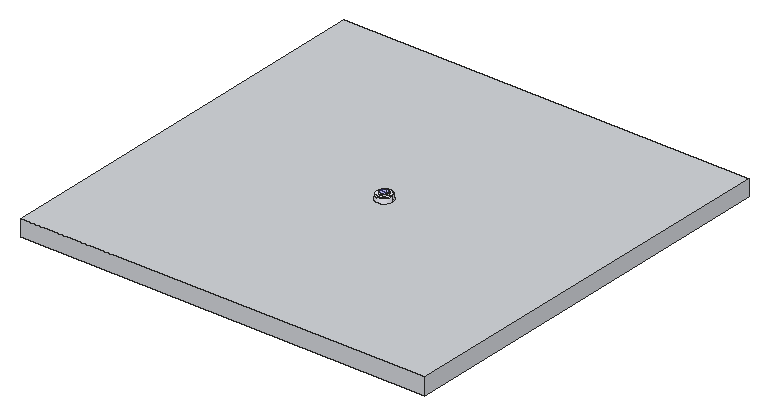
Revit family "BEG-92305", category Dispositifs d'éclairage, Revit 2015
Parameters
  Detection zone [instance] = yes
  Area zone [instance] = height position < 301 cm  # yes
  URL = "http://www.luxomat.com/en-92305"
  Type of output = "Reed Relais"
  Ambiant temperature = "-25°C to +50°C"
  Ref = "92305"
  Relay = "0"
  height position [instance] = 250 cm
  direct Range [instance] = height position * 2.4  # 600 cm
  transversal Range [instance] = height position * 4  # 1000 cm
  Modèle = "PD2/M/2C-11-48V/RR/SM"
  Installation type = "Ceiling"
  Brand = "LUXOMAT"
  Image du type = 92550.jpg
  IP = "20"
  Mounting height max = Installation height max  # 300 cm
  Installation height max = 300 cm
  Fabricant = "B.E.G"
  Label [instance] = yes
  Default Elevation = 0 cm
  Consumption = "1,28W"
  Commentaires du type = "Occupancy detector PD2/M/2C-11-48V/RR/SM"
  Code d'assemblage = "D5010200"
  Class = "2"
  Switching power LED = "0"
  Switching power Cos ɸ =1 = "0"
  Switching power Cos ɸ =0,5 = "0"
  Power voltage = "11-48V AC/DC"
  seated activity [instance] = height position * 1.6  # 400 cm
Reference planes (cm)
  plane 1 "Centre (avant/arrière)": y = 0
  plane 2: z = 0
  plane 3 "Centre (gauche/droite)": x = 0
Forms (cm)
  Extrusion 1, solid
    sketch origin (0, 0, 0) x (1, 0, 0) y (0, 1, 0)
      loop
        line (-121.92, 121.92) -> (-121.92, -121.92) -> (121.92, -121.92) -> (121.92, 121.92) -> (-121.92, 121.92)
    from 0 to -10
Dimensions and locks (cm)
  aligned and locked: plane 2 to Extrusion 1
  aligned and locked: level to Extrusion 1
  aligned and locked: nested 2 to plane 2
Nested families (cm)
  nested 1: "Famille1" at (0, -72.6659, 0) x (-1, 0, 0) z (0, 0, 1), reference <- "Ref", modele <- "Modèle", visible <- "Label", type "Famille1"
    with reference "92305", modele "PD2/M/2C-11-48V/RR/SM"
  nested 2: "M8" at (0, 0, 0), type "Standard"
  nested 3: "zone G" at (0, 0, 0) x (-1, 0, 0) z (0, 0, 1), visible <- "Detection zone", activité assise <- "seated activity", biais <- "transversal Range", frontal <- "direct Range", Zone assise <- "Area zone", type "zone G"
    with position 2 240 cm, position 1 400 cm, frontal 600 cm, biais 1000 cm, activité assise 400 cm, Zone assise yes
  nested 4: "Plafond 360° 2D" at (0, 0, 0), type "Plafond 360° 2D"
Connectors (cm)
  electrical at (0, 0, 0)
    settings: on nested 2, index 1, voltage 48 V, apparent load 0 VA, apparent load phase1 0 VA, apparent load phase2 0 VA, apparent load phase3 0 VA, power factor 1, load classification "Eclairage", number of poles 1, system type 31, power factor state 1, is connector primary yes, connector utility no, sub classification motor no, connector description ""
Definition of nested family "M8"
  Reference planes (cm)
    plane 1 "Centre (avant/arrière)": y = 0
    plane 2: z = 0
    plane 3 "Centre (gauche/droite)": x = 0
    plane 4: y = 0
  Forms (cm)
    Revolve 1, solid
      sketch origin (0, 0, 0) x (-1, 0, 0) y (0, 0, 1)
        loop
          line (0, 0) -> (0, 3.6) -> (-2.45, 3.6) -> (-2.6598, 3.35) -> (-2.6598, 3.1) -> (-4.3661, 2.8) -> (-4.69, 2.4) -> (-4.9, 0) -> (0, 0)
        axis (0, 0) -> (0, 3.6)
      angle from 0 to 360
    Revolve 2, solid
      sketch origin (0, 0, 0) x (-1, 0, 0) y (0, 0, 1)
        loop
          line (0, 3.6) -> (0, 5)
          arc (0, 5) -> (-1.3892, 4.6244) -> (-2.4, 3.6) r 2.7571
          line (-2.4, 3.6) -> (0, 3.6)
        axis (0, 3.6) -> (0, 5)
      angle from 0 to 360
  Lines and regions (cm)
    reference lines
      curve 1: line (0, 0, 0) -> (0, 0, 5)
      curve 2: line (2.45, 0, 3.6) -> (0, 0, 3.6)
      curve 3: line (2.6598, 0, 3.35) -> (2.45, 0, 3.6)
      curve 4: line (2.6598, 0, 3.35) -> (2.6598, 0, 3.1)
      curve 5: line (4.3661, 0, 2.8) -> (2.6598, 0, 3.1)
      curve 6: line (4.69, 0, 2.4) -> (4.3661, 0, 2.8)
      curve 7: line (4.9, 0, 0) -> (4.69, 0, 2.4)
      curve 8: line (0, 0, 0) -> (4.9, 0, 0)
      curve 9: line (0, 0, 5) -> (0, 0, 3.6)
      curve 10: arc (0, 0, 5) -> (1.3892, 0, 4.6244) -> (2.4, 0, 3.6) r 2.7571
      curve 11: line (0, 0, 3.6) -> (2.4, 0, 3.6)
      curve 12: line (0, 0, 0) -> (0, 0, 5)
  Dimensions and locks (cm)
    aligned and locked: level to plane 2
    aligned and locked: Revolve 1 sketch curve to curve 1  (x2)
    aligned and locked: Revolve 1 sketch curve to curve 2
    aligned and locked: Revolve 1 sketch curve to curve 3
    aligned and locked: Revolve 1 sketch curve to curve 4
    aligned and locked: Revolve 1 sketch curve to curve 5
    aligned and locked: Revolve 1 sketch curve to curve 6
    aligned and locked: Revolve 1 sketch curve to curve 7
    aligned and locked: Revolve 1 sketch curve to curve 8
    aligned and locked: Revolve 2 sketch curve to curve 9
    aligned and locked: Revolve 2 sketch curve to curve 10
    aligned and locked: Revolve 2 sketch curve to curve 11
    aligned and locked: Revolve 2 sketch curve to curve 12
Definition of nested family "Famille1"
  Parameters (values of type "Famille1")
    reference [instance] = ""
    modele [instance] = ""
  Reference planes (cm)
    plane 1: y = 0
    plane 2: x = 0
  Text (cm)
    label "reference\n\nmodele" at (0.0074, 0.0451, 0), shows "reference", "modele"
Definition of nested family "zone G"
  Parameters (values of type "zone G")
    position 2 [instance] = (frontal / 2) * 0.8  # 240 cm
    position 1 [instance] = (biais / 2) * 0.8  # 400 cm
    frontal [instance] = 600 cm
    biais [instance] = 1000 cm
    activité assise [instance] = 400 cm
    Zone assise [instance] = yes
  Reference planes (cm)
    plane 1 "Centre (avant/arrière)": y = 0
    plane 2: z = 0
    plane 3 "Centre (gauche/droite)": x = 0
    plane 4: x = -400
    plane 5: y = -240
  Lines and regions (cm)
    detail lines, in view "Niveau de réf.", visible <- "Zone assise"
      curve 1: circle (0, 0, 0) r 200 normal (0, 0, 1)
      curve 4: spline (-105.2767, 3.2118, 0) -> (-104.9106, 3.0586, 0) -> (-103.8375, 2.9158, 0) -> (-102.1303, 2.7932, 0) -> (-99.9055, 2.6991, 0) -> (-97.3146, 2.6399, 0) -> (-94.5343, 2.6198, 0) -> (-91.7539, 2.6399, 0) -> (-89.163, 2.6991, 0) -> (-86.9382, 2.7932, 0) -> (-85.231, 2.9158, 0) -> (-84.1579, 3.0586, 0) -> (-83.7918, 3.2118, 0) -> (-84.1579, 3.365, 0) -> (-85.231, 3.5078, 0) -> (-86.9382, 3.6305, 0) -> (-89.163, 3.7245, 0) -> (-91.7539, 3.7837, 0) -> (-94.5343, 3.8039, 0) -> (-97.3146, 3.7837, 0) -> (-99.9055, 3.7245, 0) -> (-102.1303, 3.6305, 0) -> (-103.8375, 3.5078, 0) -> (-104.9106, 3.365, 0) -> (-105.2767, 3.2118, 0)
      curve 5: line (-105.2767, 3.2118, 0) -> (-103.7271, 3.5181, 0)
      curve 6: arc (-102.6495, -16.5888, 0) -> (-107.2915, -17.186, 0) -> (-111.6311, -18.9388, 0) r 18.3388
      curve 7: arc (-111.6311, -18.9388, 0) -> (-111.6982, -19.0046, 0) -> (-111.7229, -19.0953, 0) r 0.1799
      curve 8: arc (-102.4571, -17.1805, 0) -> (-106.7473, -17.5804, 0) -> (-110.8538, -18.8852, 0) r 20.1051
      curve 9: arc (-110.8538, -18.8852, 0) -> (-111.0396, -18.979, 0) -> (-111.2122, -19.0953, 0) r 1.6679
      curve 10: circle (-111.4676, -19.8292, 0) r 0.5096 normal (0, 0, 1)
      curve 11: arc (-110.898, -19.8292, 0) -> (-111.4676, -19.2597, 0) -> (-112.0372, -19.8292, 0) r 0.5696
      curve 12: arc (-110.838, -19.8292, 0) -> (-111.4676, -19.1997, 0) -> (-112.0972, -19.8292, 0) r 0.6296
      curve 13: arc (-86.4191, -16.5888, 0) -> (-81.7771, -17.186, 0) -> (-77.4374, -18.9388, 0) r 18.3388
      curve 14: arc (-77.4374, -18.9388, 0) -> (-77.3704, -19.0046, 0) -> (-77.3456, -19.0953, 0) r 0.1799
      curve 15: arc (-86.6114, -17.1805, 0) -> (-82.3212, -17.5804, 0) -> (-78.2147, -18.8852, 0) r 20.1051
      curve 16: arc (-78.2147, -18.8852, 0) -> (-78.0289, -18.979, 0) -> (-77.8563, -19.0953, 0) r 1.6679
      curve 17: circle (-77.6009, -19.8292, 0) r 0.5096 normal (0, 0, 1)
      curve 18: arc (-77.0314, -19.8292, 0) -> (-77.6009, -19.2597, 0) -> (-78.1705, -19.8292, 0) r 0.5696
      curve 19: arc (-76.9714, -19.8292, 0) -> (-77.6009, -19.1997, 0) -> (-78.2305, -19.8292, 0) r 0.6296
      curve 20: arc (-95.2593, -16.5888, 0) -> (-98.9871, -17.441, 0) -> (-102.5056, -18.9388, 0) r 21.5424
      curve 21: arc (-102.5056, -18.9388, 0) -> (-102.5726, -19.0046, 0) -> (-102.5974, -19.0953, 0) r 0.1799
      curve 22: arc (-95.2593, -17.1805, 0) -> (-98.5536, -17.8061, 0) -> (-101.7283, -18.8852, 0) r 23.9713
      curve 23: arc (-101.7283, -18.8852, 0) -> (-101.911, -18.9772, 0) -> (-102.081, -19.0909, 0) r 1.6679
      curve 24: arc (-95.0229, -17.1805, 0) -> (-98.2689, -17.8294, 0) -> (-101.4063, -18.8852, 0) r 26.0219
      curve 25: arc (-101.4063, -18.8852, 0) -> (-101.592, -18.979, 0) -> (-101.7647, -19.0953, 0) r 1.6679
      curve 26: circle (-102.181, -19.8292, 0) r 0.5096 normal (0, 0, 1)
      curve 27: arc (-101.6114, -19.8292, 0) -> (-102.181, -19.2597, 0) -> (-102.7506, -19.8292, 0) r 0.5696
      curve 28: arc (-101.5514, -19.8292, 0) -> (-102.181, -19.1997, 0) -> (-102.8106, -19.8292, 0) r 0.6296
      curve 29: arc (-93.8092, -16.5888, 0) -> (-90.0814, -17.441, 0) -> (-86.5629, -18.9388, 0) r 21.5424
      curve 30: arc (-86.5629, -18.9388, 0) -> (-86.4959, -19.0046, 0) -> (-86.4711, -19.0953, 0) r 0.1799
      curve 31: arc (-93.8092, -17.1805, 0) -> (-90.5149, -17.8061, 0) -> (-87.3402, -18.8852, 0) r 23.9713
      curve 32: arc (-87.3402, -18.8852, 0) -> (-87.1544, -18.979, 0) -> (-86.9818, -19.0953, 0) r 1.6679
      curve 33: arc (-94.0457, -17.1805, 0) -> (-90.7996, -17.8294, 0) -> (-87.6622, -18.8852, 0) r 26.0219
      curve 34: arc (-87.6622, -18.8852, 0) -> (-87.4765, -18.979, 0) -> (-87.3039, -19.0953, 0) r 1.6679
      curve 35: circle (-86.8875, -19.8292, 0) r 0.5096 normal (0, 0, 1)
      curve 36: arc (-86.3179, -19.8292, 0) -> (-86.8875, -19.2597, 0) -> (-87.4571, -19.8292, 0) r 0.5696
      curve 37: arc (-86.2579, -19.8292, 0) -> (-86.8875, -19.1997, 0) -> (-87.5171, -19.8292, 0) r 0.6296
      curve 38: arc (-103.0079, 8.8705, 0) -> (-101.8776, 5.8173, 0) -> (-98.8653, 4.5819, 0) r 4.0512
      curve 39: arc (-83.7186, 4.2269, 0) -> (-82.9538, 3.7817, 0) -> (-82.7946, 2.9112, 0) r 1.0582
      curve 40: arc (-82.7946, 2.9112, 0) -> (-84.0889, -6.227, 0) -> (-84.0703, -15.4564, 0) r 64.7189
      curve 41: arc (-84.0703, -15.4564, 0) -> (-83.933, -16.0031, 0) -> (-83.4527, -16.2981, 0) r 0.7467
      curve 42: arc (-83.4527, -16.2981, 0) -> (-80.3714, -16.8717, 0) -> (-77.238, -16.9405, 0) r 19.3577
      curve 43: arc (-77.238, -16.9405, 0) -> (-77.6363, -16.4391, 0) -> (-78.2461, -16.244, 0) r 1.1013
      curve 44: arc (-78.2461, -16.244, 0) -> (-80.4274, -15.8096, 0) -> (-82.5587, -15.1742, 0) r 23.8747
      curve 45: arc (-82.5587, -15.1742, 0) -> (-81.6045, -6.5488, 0) -> (-80.848, 2.0961, 0) r 379.1961
      curve 46: arc (-80.848, 2.0961, 0) -> (-81.0708, 4.8418, 0) -> (-83.0581, 6.7494, 0) r 3.8846
      curve 47: arc (-83.0581, 6.7494, 0) -> (-89.2141, 8.8147, 0) -> (-95.6542, 9.6431, 0) r 33.2193
      curve 48: arc (-95.6542, 9.6431, 0) -> (-94.8516, 17.305, 0) -> (-94.8609, 25.0089, 0) r 72.9952
      curve 49: arc (-95.1116, 28.28, 0) -> (-95.2196, 29.2958, 0) -> (-95.3418, 30.31, 0) r 72.9952
      curve 50: arc (-98.1747, 30.0752, 0) -> (-100.3426, 29.2913, 0) -> (-99.4886, 27.1501, 0) r 1.6042
      curve 51: arc (-95.3418, 30.31, 0) -> (-98.7298, 32.2574, 0) -> (-102.1179, 30.31, 0) r 3.9209
      curve 52: arc (-68.8418, 20.3177, 0) -> (-68.8537, 20.2265, 0) -> (-68.9411, 20.2549, 0) r 0.0597
      curve 53: arc (-70.9776, 20.5408, 0) -> (-70.9496, 20.3832, 0) -> (-71.1082, 20.3621, 0) r 0.1108
      curve 54: spline (-98.8908, 41.6409, 0) -> (-97.9793, 41.5103, 0) -> (-97.1229, 41.0855, 0) -> (-96.38, 40.3954, 0) -> (-95.8012, 39.4871, 0) -> (-95.426, 38.4224, 0) -> (-95.2799, 37.274, 0) -> (-95.3728, 36.12, 0) -> (-95.6985, 35.0392, 0) -> (-96.2348, 34.1051, 0) -> (-96.945, 33.3815, 0) -> (-97.7809, 32.9176, 0) -> (-98.6854, 32.7451, 0) -> (-99.5969, 32.8757, 0) -> (-100.4532, 33.3005, 0) -> (-101.1961, 33.9906, 0) -> (-101.7749, 34.8989, 0) -> (-102.1502, 35.9636, 0) -> (-102.2963, 37.112, 0) -> (-102.2033, 38.266, 0) -> (-101.8776, 39.3468, 0) -> (-101.3414, 40.2809, 0) -> (-100.6311, 41.0045, 0) -> (-99.7953, 41.4684, 0) -> (-98.8908, 41.6409, 0)
      curve 55: line (-74.1608, -20.3388, 0) -> (-33.3759, -20.3388, 0)
      curve 56: line (-33.3759, -20.3388, 0) -> (-33.3759, 18.6681, 0)
      curve 57: line (-33.3759, 18.6681, 0) -> (-74.1608, 18.6681, 0)
      curve 58: line (-74.1608, 18.6681, 0) -> (-74.1608, -20.3388, 0)
      curve 59: line (-74.1608, -20.3388, 0) -> (-120.7181, -20.3388, 0)
      curve 60: line (-80.1025, 18.6681, 0) -> (-27.4342, 18.6681, 0)
      curve 61: line (-27.4342, 18.6681, 0) -> (-27.4342, 20.1345, 0)
      curve 62: line (-27.4342, 20.1345, 0) -> (-80.1025, 20.1345, 0)
      curve 63: line (-80.1025, 20.1345, 0) -> (-80.1025, 18.6681, 0)
      curve 64: line (-95.5223, 2.6198, 0) -> (-93.5462, 2.6198, 0)
      curve 65: line (-93.5462, 2.6198, 0) -> (-93.5462, -16.5888, 0)
      curve 66: line (-93.5462, -16.5888, 0) -> (-95.5223, -16.5888, 0)
      curve 67: line (-95.5223, -16.5888, 0) -> (-95.5223, 2.6198, 0)
      curve 68: line (-95.5223, -16.5888, 0) -> (-102.6495, -16.5888, 0)
      curve 69: line (-111.7229, -19.0953, 0) -> (-111.2122, -19.0953, 0)
      curve 70: line (-93.8092, -16.5888, 0) -> (-94.0457, -17.1805, 0)
      curve 71: line (-94.0457, -17.1805, 0) -> (-93.8092, -17.1805, 0)
      curve 72: line (-93.8092, -17.1805, 0) -> (-94.5343, -17.1805, 0)
      curve 73: line (-94.5343, -17.1805, 0) -> (-95.2593, -17.1805, 0)
      curve 74: line (-95.2593, -17.1805, 0) -> (-95.0229, -17.1805, 0)
      curve 75: line (-95.0229, -17.1805, 0) -> (-95.2593, -16.5888, 0)
      curve 76: line (-98.1226, -17.1805, 0) -> (-102.4571, -17.1805, 0)
      curve 77: line (-112.0372, -19.8292, 0) -> (-112.0972, -19.8292, 0)
      curve 78: line (-110.898, -19.8292, 0) -> (-110.838, -19.8292, 0)
      curve 79: line (-111.3676, -19.2076, 0) -> (-111.3676, -19.0953, 0)
      curve 80: line (-111.5676, -19.2076, 0) -> (-111.5676, -19.0953, 0)
      curve 81: line (-93.5462, -16.5888, 0) -> (-86.4191, -16.5888, 0)
      curve 82: line (-77.3456, -19.0953, 0) -> (-77.8563, -19.0953, 0)
      curve 83: line (-90.9459, -17.1805, 0) -> (-86.6114, -17.1805, 0)
      curve 84: line (-77.0314, -19.8292, 0) -> (-76.9714, -19.8292, 0)
      curve 85: line (-78.1705, -19.8292, 0) -> (-78.2305, -19.8292, 0)
      curve 86: line (-77.7009, -19.2076, 0) -> (-77.7009, -19.0953, 0)
      curve 87: line (-77.5009, -19.2076, 0) -> (-77.5009, -19.0953, 0)
      curve 88: line (-102.5974, -19.0953, 0) -> (-101.7647, -19.0953, 0)
      curve 89: line (-102.7506, -19.8292, 0) -> (-102.8106, -19.8292, 0)
      curve 90: line (-101.6114, -19.8292, 0) -> (-101.5514, -19.8292, 0)
      curve 91: line (-102.081, -19.2076, 0) -> (-102.081, -19.0909, 0)
      curve 92: line (-102.281, -19.2076, 0) -> (-102.281, -19.0953, 0)
      curve 93: line (-86.4711, -19.0953, 0) -> (-87.3039, -19.0953, 0)
      curve 94: line (-86.3179, -19.8292, 0) -> (-86.2579, -19.8292, 0)
      curve 95: line (-87.4571, -19.8292, 0) -> (-87.5171, -19.8292, 0)
      curve 96: line (-86.9875, -19.2076, 0) -> (-86.9875, -19.0953, 0)
      curve 97: line (-86.7875, -19.2076, 0) -> (-86.7875, -19.0953, 0)
      curve 98: line (-98.8653, 4.5819, 0) -> (-83.7186, 4.2269, 0)
      curve 99: line (-103.0079, 8.8705, 0) -> (-102.1179, 30.31, 0)
      curve 100: line (-98.1747, 30.0752, 0) -> (-85.3255, 22.5448, 0)
      curve 101: line (-85.3255, 22.5448, 0) -> (-74.2929, 21.667, 0)
      curve 102: line (-74.2929, 21.667, 0) -> (-71.6033, 21.7219, 0)
      curve 103: line (-71.6033, 21.7219, 0) -> (-69.7371, 21.2829, 0)
      curve 104: line (-69.7371, 21.2829, 0) -> (-68.8418, 20.3177, 0)
      curve 105: line (-68.9411, 20.2549, 0) -> (-69.7808, 21.0896, 0)
      curve 106: line (-69.7808, 21.0896, 0) -> (-71.6115, 21.2989, 0)
      curve 107: line (-71.6115, 21.2989, 0) -> (-72.0159, 21.0248, 0)
      curve 108: line (-72.0159, 21.0248, 0) -> (-70.9776, 20.5408, 0)
      curve 109: line (-71.1082, 20.3621, 0) -> (-72.6656, 20.8949, 0)
      curve 110: line (-72.6656, 20.8949, 0) -> (-74.496, 20.6558, 0)
      curve 111: line (-74.496, 20.6558, 0) -> (-86.0144, 20.9158, 0)
      curve 112: line (-86.0144, 20.9158, 0) -> (-99.4886, 27.1501, 0)
      curve 113: line (-99.8644, 32.9741, 0) -> (-99.9944, 32.0479, 0)
      curve 114: line (-97.5142, 33.0301, 0) -> (-97.3718, 32.0147, 0)
      curve 115: line (-33.3759, -20.3388, 0) -> (-21.8014, -20.3388, 0)
    detail lines, in view "Niveau de réf."
      curve 2: circle (0, 0, 0) r 300 normal (0, 0, 1)
      curve 3: circle (0, 0, 0) r 500 normal (0, 0, 1)
      curve 116: spline (2.3068, -267.7265, 0) -> (4.0856, -267.3949, 0) -> (5.7432, -266.4226, 0) -> (7.1667, -264.876, 0) -> (8.2589, -262.8603, 0) -> (8.9455, -260.5131, 0) -> (9.1797, -257.9942, 0) -> (8.9455, -255.4753, 0) -> (8.2589, -253.1281, 0) -> (7.1667, -251.1125, 0) -> (5.7432, -249.5658, 0) -> (4.0856, -248.5936, 0) -> (2.3068, -248.262, 0) -> (0.5279, -248.5936, 0) -> (-1.1297, -249.5658, 0) -> (-2.5531, -251.1125, 0) -> (-3.6453, -253.1281, 0) -> (-4.3319, -255.4753, 0) -> (-4.5661, -257.9942, 0) -> (-4.3319, -260.5131, 0) -> (-3.6453, -262.8603, 0) -> (-2.5531, -264.876, 0) -> (-1.1297, -266.4226, 0) -> (0.5279, -267.3949, 0) -> (2.3068, -267.7265, 0)
      curve 117: line (-4.7649, -255.0929, 0) -> (0.5136, -267.9212, 0)
      curve 118: line (3.5648, -268.0775, 0) -> (9.2455, -254.5266, 0)
      curve 119: line (-0.3759, -248.4588, 0) -> (-3.0011, -250.8806, 0)
      curve 120: line (3.5053, -268.5045, 0) -> (6.62, -268.3756, 0)
      curve 121: line (1.7304, -268.3525, 0) -> (3.5053, -268.5045, 0)
      curve 122: line (-4.7649, -255.0929, 0) -> (0.5136, -267.9212, 0)
      curve 123: line (-21.1936, -255.3894, 0) -> (-24.4202, -257.3623, 0)
      curve 124: line (-21.1936, -255.3894, 0) -> (-24.4202, -257.3623, 0)
      curve 125: line (-0.3759, -248.4588, 0) -> (-3.0011, -250.8806, 0)
      curve 126: line (1.7304, -268.3525, 0) -> (6.62, -268.3756, 0)
      curve 127: line (3.5648, -268.0775, 0) -> (9.2455, -254.5266, 0)
      curve 128: line (0, -240, 0) -> (0, -209.0788, 0)
      curve 129: line (0, -209.0788, 0) -> (0, -200.7814, 0)
      curve 130: spline (-397.6932, -27.7265, 0) -> (-395.9144, -27.3949, 0) -> (-394.2568, -26.4226, 0) -> (-392.8333, -24.876, 0) -> (-391.7411, -22.8603, 0) -> (-391.0545, -20.5131, 0) -> (-390.8203, -17.9942, 0) -> (-391.0545, -15.4753, 0) -> (-391.7411, -13.1281, 0) -> (-392.8333, -11.1125, 0) -> (-394.2568, -9.5658, 0) -> (-395.9144, -8.5936, 0) -> (-397.6932, -8.262, 0) -> (-399.4721, -8.5936, 0) -> (-401.1297, -9.5658, 0) -> (-402.5531, -11.1125, 0) -> (-403.6453, -13.1281, 0) -> (-404.3319, -15.4753, 0) -> (-404.5661, -17.9942, 0) -> (-404.3319, -20.5131, 0) -> (-403.6453, -22.8603, 0) -> (-402.5531, -24.876, 0) -> (-401.1297, -26.4226, 0) -> (-399.4721, -27.3949, 0) -> (-397.6932, -27.7265, 0)
      curve 131: line (-404.7649, -15.0929, 0) -> (-399.4864, -27.9212, 0)
      curve 132: line (-396.4352, -28.0775, 0) -> (-390.7545, -14.5266, 0)
      curve 133: line (-400.3759, -8.4588, 0) -> (-403.0011, -10.8806, 0)
      curve 134: line (-396.4947, -28.5045, 0) -> (-393.38, -28.3756, 0)
      curve 135: line (-398.2696, -28.3525, 0) -> (-396.4947, -28.5045, 0)
      curve 136: line (-404.7649, -15.0929, 0) -> (-399.4864, -27.9212, 0)
      curve 137: line (-421.1936, -15.3894, 0) -> (-424.4202, -17.3623, 0)
      curve 138: line (-421.1936, -15.3894, 0) -> (-424.4202, -17.3623, 0)
      curve 139: line (-400.3759, -8.4588, 0) -> (-403.0011, -10.8806, 0)
      curve 140: line (-398.2696, -28.3525, 0) -> (-393.38, -28.3756, 0)
      curve 141: line (-396.4352, -28.0775, 0) -> (-390.7545, -14.5266, 0)
      curve 142: line (-400, 0, 0) -> (-400, 30.9212, 0)
      curve 143: line (-400, 30.9212, 0) -> (-400, 39.2186, 0)
    detail lines, in view "Niveau de réf.", visible <- "Zone assise", not visible
      curve 144: spline (925.976, -22.5654, 0) -> (926.342, -22.7186, 0) -> (927.4152, -22.8614, 0) -> (929.1224, -22.984, 0) -> (931.3472, -23.0781, 0) -> (933.938, -23.1373, 0) -> (936.7184, -23.1574, 0) -> (939.4987, -23.1373, 0) -> (942.0896, -23.0781, 0) -> (944.3144, -22.984, 0) -> (946.0216, -22.8614, 0) -> (947.0948, -22.7186, 0) -> (947.4608, -22.5654, 0) -> (947.0948, -22.4122, 0) -> (946.0216, -22.2694, 0) -> (944.3144, -22.1467, 0) -> (942.0896, -22.0527, 0) -> (939.4987, -21.9935, 0) -> (936.7184, -21.9733, 0) -> (933.938, -21.9935, 0) -> (931.3472, -22.0527, 0) -> (929.1224, -22.1467, 0) -> (927.4152, -22.2694, 0) -> (926.342, -22.4122, 0) -> (925.976, -22.5654, 0)
      curve 145: line (925.976, -22.5654, 0) -> (927.5256, -22.2591, 0)
      curve 146: arc (928.6032, -42.366, 0) -> (923.9612, -42.9632, 0) -> (919.6215, -44.716, 0) r 18.3388
      curve 147: arc (919.6215, -44.716, 0) -> (919.5545, -44.7818, 0) -> (919.5297, -44.8725, 0) r 0.1799
      curve 148: arc (928.7956, -42.9577, 0) -> (924.5053, -43.3576, 0) -> (920.3988, -44.6624, 0) r 20.1051
      curve 149: arc (920.3988, -44.6624, 0) -> (920.213, -44.7562, 0) -> (920.0404, -44.8725, 0) r 1.6679
      curve 150: circle (919.7851, -45.6065, 0) r 0.5096 normal (0, 0, 1)
      curve 151: arc (920.3547, -45.6065, 0) -> (919.7851, -45.0369, 0) -> (919.2155, -45.6065, 0) r 0.5696
      curve 152: arc (920.4147, -45.6065, 0) -> (919.7851, -44.9769, 0) -> (919.1555, -45.6065, 0) r 0.6296
      curve 153: arc (944.8336, -42.366, 0) -> (949.4756, -42.9632, 0) -> (953.8152, -44.716, 0) r 18.3388
      curve 154: arc (953.8152, -44.716, 0) -> (953.8823, -44.7818, 0) -> (953.907, -44.8725, 0) r 0.1799
      curve 155: arc (944.6412, -42.9577, 0) -> (948.9315, -43.3576, 0) -> (953.038, -44.6624, 0) r 20.1051
      curve 156: arc (953.038, -44.6624, 0) -> (953.2237, -44.7562, 0) -> (953.3964, -44.8725, 0) r 1.6679
      curve 157: circle (953.6517, -45.6065, 0) r 0.5096 normal (0, 0, 1)
      curve 158: arc (954.2213, -45.6065, 0) -> (953.6517, -45.0369, 0) -> (953.0821, -45.6065, 0) r 0.5696
      curve 159: arc (954.2813, -45.6065, 0) -> (953.6517, -44.9769, 0) -> (953.0221, -45.6065, 0) r 0.6296
      curve 160: arc (935.9933, -42.366, 0) -> (932.2655, -43.2182, 0) -> (928.7471, -44.716, 0) r 21.5424
      curve 161: arc (928.7471, -44.716, 0) -> (928.68, -44.7818, 0) -> (928.6553, -44.8725, 0) r 0.1799
      curve 162: arc (935.9933, -42.9577, 0) -> (932.6991, -43.5833, 0) -> (929.5243, -44.6624, 0) r 23.9713
      curve 163: arc (929.5243, -44.6624, 0) -> (929.3417, -44.7544, 0) -> (929.1716, -44.8681, 0) r 1.6679
      curve 164: arc (936.2298, -42.9577, 0) -> (932.9838, -43.6066, 0) -> (929.8464, -44.6624, 0) r 26.0219
      curve 165: arc (929.8464, -44.6624, 0) -> (929.6606, -44.7562, 0) -> (929.488, -44.8725, 0) r 1.6679
      curve 166: circle (929.0716, -45.6065, 0) r 0.5096 normal (0, 0, 1)
      curve 167: arc (929.6412, -45.6065, 0) -> (929.0716, -45.0369, 0) -> (928.502, -45.6065, 0) r 0.5696
      curve 168: arc (929.7012, -45.6065, 0) -> (929.0716, -44.9769, 0) -> (928.442, -45.6065, 0) r 0.6296
      curve 169: arc (937.4435, -42.366, 0) -> (941.1713, -43.2182, 0) -> (944.6897, -44.716, 0) r 21.5424
      curve 170: arc (944.6897, -44.716, 0) -> (944.7568, -44.7818, 0) -> (944.7815, -44.8725, 0) r 0.1799
      curve 171: arc (937.4435, -42.9577, 0) -> (940.7377, -43.5833, 0) -> (943.9124, -44.6624, 0) r 23.9713
      curve 172: arc (943.9124, -44.6624, 0) -> (944.0982, -44.7562, 0) -> (944.2708, -44.8725, 0) r 1.6679
      curve 173: arc (937.207, -42.9577, 0) -> (940.453, -43.6066, 0) -> (943.5904, -44.6624, 0) r 26.0219
      curve 174: arc (943.5904, -44.6624, 0) -> (943.7762, -44.7562, 0) -> (943.9488, -44.8725, 0) r 1.6679
      curve 175: circle (944.3651, -45.6065, 0) r 0.5096 normal (0, 0, 1)
      curve 176: arc (944.9347, -45.6065, 0) -> (944.3651, -45.0369, 0) -> (943.7956, -45.6065, 0) r 0.5696
      curve 177: arc (944.9947, -45.6065, 0) -> (944.3651, -44.9769, 0) -> (943.7356, -45.6065, 0) r 0.6296
      curve 178: arc (928.2447, -16.9067, 0) -> (929.3751, -19.9599, 0) -> (932.3873, -21.1953, 0) r 4.0512
      curve 179: arc (947.5341, -21.5503, 0) -> (948.2989, -21.9955, 0) -> (948.4581, -22.866, 0) r 1.0582
      curve 180: arc (948.4581, -22.866, 0) -> (947.1637, -32.0042, 0) -> (947.1824, -41.2336, 0) r 64.7189
      curve 181: arc (947.1824, -41.2336, 0) -> (947.3196, -41.7803, 0) -> (947.8, -42.0753, 0) r 0.7467
      curve 182: arc (947.8, -42.0753, 0) -> (950.8812, -42.6489, 0) -> (954.0146, -42.7177, 0) r 19.3577
      curve 183: arc (954.0146, -42.7177, 0) -> (953.6164, -42.2163, 0) -> (953.0065, -42.0212, 0) r 1.1013
      curve 184: arc (953.0065, -42.0212, 0) -> (950.8253, -41.5868, 0) -> (948.6939, -40.9514, 0) r 23.8747
      curve 185: arc (948.6939, -40.9514, 0) -> (949.6481, -32.326, 0) -> (950.4047, -23.6811, 0) r 379.1961
      curve 186: arc (950.4047, -23.6811, 0) -> (950.1819, -20.9354, 0) -> (948.1945, -19.0278, 0) r 3.8846
      curve 187: arc (948.1945, -19.0278, 0) -> (942.0386, -16.9625, 0) -> (935.5985, -16.1341, 0) r 33.2193
      curve 188: arc (935.5985, -16.1341, 0) -> (936.4011, -8.4722, 0) -> (936.3918, -0.7683, 0) r 72.9952
      curve 189: arc (936.1411, 2.5028, 0) -> (936.0331, 3.5186, 0) -> (935.9108, 4.5328, 0) r 72.9952
      curve 190: arc (933.0779, 4.298, 0) -> (930.9101, 3.5141, 0) -> (931.7641, 1.3729, 0) r 1.6042
      curve 191: arc (935.9108, 4.5328, 0) -> (932.5228, 6.4802, 0) -> (929.1348, 4.5328, 0) r 3.9209
      curve 192: arc (962.4108, -5.4595, 0) -> (962.3989, -5.5507, 0) -> (962.3115, -5.5223, 0) r 0.0597
      curve 193: arc (960.275, -5.2364, 0) -> (960.303, -5.394, 0) -> (960.1444, -5.4151, 0) r 0.1108
      curve 194: spline (932.3619, 15.8637, 0) -> (933.2734, 15.7331, 0) -> (934.1297, 15.3083, 0) -> (934.8726, 14.6182, 0) -> (935.4514, 13.7099, 0) -> (935.8267, 12.6452, 0) -> (935.9728, 11.4968, 0) -> (935.8798, 10.3428, 0) -> (935.5541, 9.262, 0) -> (935.0179, 8.3279, 0) -> (934.3076, 7.6043, 0) -> (933.4718, 7.1404, 0) -> (932.5673, 6.9679, 0) -> (931.6558, 7.0985, 0) -> (930.7994, 7.5233, 0) -> (930.0565, 8.2134, 0) -> (929.4777, 9.1217, 0) -> (929.1025, 10.1864, 0) -> (928.9564, 11.3348, 0) -> (929.0493, 12.4888, 0) -> (929.375, 13.5696, 0) -> (929.9113, 14.5037, 0) -> (930.6215, 15.2273, 0) -> (931.4574, 15.6912, 0) -> (932.3619, 15.8637, 0)
      curve 195: line (957.0918, -46.116, 0) -> (997.8768, -46.116, 0)
      curve 196: line (997.8768, -46.116, 0) -> (997.8768, -7.1091, 0)
      curve 197: line (997.8768, -7.1091, 0) -> (957.0918, -7.1091, 0)
      curve 198: line (957.0918, -7.1091, 0) -> (957.0918, -46.116, 0)
      curve 199: line (957.0918, -46.116, 0) -> (910.5345, -46.116, 0)
      curve 200: line (951.1501, -7.1091, 0) -> (1003.8185, -7.1091, 0)
      curve 201: line (1003.8185, -7.1091, 0) -> (1003.8185, -5.6427, 0)
      curve 202: line (1003.8185, -5.6427, 0) -> (951.1501, -5.6427, 0)
      curve 203: line (951.1501, -5.6427, 0) -> (951.1501, -7.1091, 0)
      curve 204: line (935.7304, -23.1574, 0) -> (937.7064, -23.1574, 0)
      curve 205: line (937.7064, -23.1574, 0) -> (937.7064, -42.366, 0)
      curve 206: line (937.7064, -42.366, 0) -> (935.7304, -42.366, 0)
      curve 207: line (935.7304, -42.366, 0) -> (935.7304, -23.1574, 0)
      curve 208: line (935.7304, -42.366, 0) -> (928.6032, -42.366, 0)
      curve 209: line (919.5297, -44.8725, 0) -> (920.0404, -44.8725, 0)
      curve 210: line (937.4435, -42.366, 0) -> (937.207, -42.9577, 0)
      curve 211: line (937.207, -42.9577, 0) -> (937.4435, -42.9577, 0)
      curve 212: line (937.4435, -42.9577, 0) -> (936.7184, -42.9577, 0)
      curve 213: line (936.7184, -42.9577, 0) -> (935.9933, -42.9577, 0)
      curve 214: line (935.9933, -42.9577, 0) -> (936.2298, -42.9577, 0)
      curve 215: line (936.2298, -42.9577, 0) -> (935.9933, -42.366, 0)
      curve 216: line (933.13, -42.9577, 0) -> (928.7956, -42.9577, 0)
      curve 217: line (919.2155, -45.6065, 0) -> (919.1555, -45.6065, 0)
      curve 218: line (920.3547, -45.6065, 0) -> (920.4147, -45.6065, 0)
      curve 219: line (919.8851, -44.9848, 0) -> (919.8851, -44.8725, 0)
      curve 220: line (919.6851, -44.9848, 0) -> (919.6851, -44.8725, 0)
      curve 221: line (937.7064, -42.366, 0) -> (944.8336, -42.366, 0)
      curve 222: line (953.907, -44.8725, 0) -> (953.3964, -44.8725, 0)
      curve 223: line (940.3068, -42.9577, 0) -> (944.6412, -42.9577, 0)
      curve 224: line (954.2213, -45.6065, 0) -> (954.2813, -45.6065, 0)
      curve 225: line (953.0821, -45.6065, 0) -> (953.0221, -45.6065, 0)
      curve 226: line (953.5517, -44.9848, 0) -> (953.5517, -44.8725, 0)
      curve 227: line (953.7517, -44.9848, 0) -> (953.7517, -44.8725, 0)
      curve 228: line (928.6553, -44.8725, 0) -> (929.488, -44.8725, 0)
      curve 229: line (928.502, -45.6065, 0) -> (928.442, -45.6065, 0)
      curve 230: line (929.6412, -45.6065, 0) -> (929.7012, -45.6065, 0)
      curve 231: line (929.1716, -44.9848, 0) -> (929.1716, -44.8681, 0)
      curve 232: line (928.9716, -44.9848, 0) -> (928.9716, -44.8725, 0)
      curve 233: line (944.7815, -44.8725, 0) -> (943.9488, -44.8725, 0)
      curve 234: line (944.9347, -45.6065, 0) -> (944.9947, -45.6065, 0)
      curve 235: line (943.7956, -45.6065, 0) -> (943.7356, -45.6065, 0)
      curve 236: line (944.2651, -44.9848, 0) -> (944.2651, -44.8725, 0)
      curve 237: line (944.4651, -44.9848, 0) -> (944.4651, -44.8725, 0)
      curve 238: line (932.3873, -21.1953, 0) -> (947.5341, -21.5503, 0)
      curve 239: line (928.2447, -16.9067, 0) -> (929.1348, 4.5328, 0)
      curve 240: line (933.0779, 4.298, 0) -> (945.9271, -3.2324, 0)
      curve 241: line (945.9271, -3.2324, 0) -> (956.9598, -4.1102, 0)
      curve 242: line (956.9598, -4.1102, 0) -> (959.6493, -4.0553, 0)
      curve 243: line (959.6493, -4.0553, 0) -> (961.5155, -4.4943, 0)
      curve 244: line (961.5155, -4.4943, 0) -> (962.4108, -5.4595, 0)
      curve 245: line (962.3115, -5.5223, 0) -> (961.4719, -4.6876, 0)
      curve 246: line (961.4719, -4.6876, 0) -> (959.6412, -4.4783, 0)
      curve 247: line (959.6412, -4.4783, 0) -> (959.2367, -4.7524, 0)
      curve 248: line (959.2367, -4.7524, 0) -> (960.275, -5.2364, 0)
      curve 249: line (960.1444, -5.4151, 0) -> (958.5871, -4.8823, 0)
      curve 250: line (958.5871, -4.8823, 0) -> (956.7566, -5.1214, 0)
      curve 251: line (956.7566, -5.1214, 0) -> (945.2383, -4.8614, 0)
      curve 252: line (945.2383, -4.8614, 0) -> (931.7641, 1.3729, 0)
      curve 253: line (931.3882, 7.1969, 0) -> (931.2583, 6.2707, 0)
      curve 254: line (933.7384, 7.2529, 0) -> (933.8809, 6.2375, 0)
      curve 255: line (997.8768, -46.116, 0) -> (1009.4512, -46.116, 0)
    detail lines, in view "Niveau de réf.", not visible
      curve 256: spline (630.3724, -48.277, 0) -> (632.1512, -47.9453, 0) -> (633.8088, -46.9731, 0) -> (635.2323, -45.4264, 0) -> (636.3245, -43.4108, 0) -> (637.0111, -41.0636, 0) -> (637.2453, -38.5447, 0) -> (637.0111, -36.0258, 0) -> (636.3245, -33.6786, 0) -> (635.2323, -31.663, 0) -> (633.8088, -30.1163, 0) -> (632.1512, -29.1441, 0) -> (630.3724, -28.8124, 0) -> (628.5935, -29.1441, 0) -> (626.9359, -30.1163, 0) -> (625.5125, -31.663, 0) -> (624.4202, -33.6786, 0) -> (623.7336, -36.0258, 0) -> (623.4995, -38.5447, 0) -> (623.7336, -41.0636, 0) -> (624.4202, -43.4108, 0) -> (625.5125, -45.4264, 0) -> (626.9359, -46.9731, 0) -> (628.5935, -47.9453, 0) -> (630.3724, -48.277, 0)
      curve 257: line (623.3007, -35.6434, 0) -> (628.5792, -48.4717, 0)
      curve 258: line (631.6303, -48.628, 0) -> (637.311, -35.0771, 0)
      curve 259: line (627.6897, -29.0093, 0) -> (625.0645, -31.4311, 0)
      curve 260: line (631.5709, -49.055, 0) -> (634.6856, -48.9261, 0)
      curve 261: line (629.7959, -48.903, 0) -> (631.5709, -49.055, 0)
      curve 262: line (623.3007, -35.6434, 0) -> (628.5792, -48.4717, 0)
      curve 263: line (606.872, -35.9399, 0) -> (603.6454, -37.9127, 0)
      curve 264: line (606.872, -35.9399, 0) -> (603.6454, -37.9127, 0)
      curve 265: line (627.6897, -29.0093, 0) -> (625.0645, -31.4311, 0)
      curve 266: line (629.7959, -48.903, 0) -> (634.6856, -48.9261, 0)
      curve 267: line (631.6303, -48.628, 0) -> (637.311, -35.0771, 0)
      curve 268: line (628.0656, -20.5505, 0) -> (628.0656, 10.3707, 0)
      curve 269: line (628.0656, 10.3707, 0) -> (628.0656, 18.6681, 0)
      curve 270: spline (1030.3724, -260.777, 0) -> (1032.1512, -260.4453, 0) -> (1033.8088, -259.4731, 0) -> (1035.2323, -257.9264, 0) -> (1036.3245, -255.9108, 0) -> (1037.0111, -253.5636, 0) -> (1037.2453, -251.0447, 0) -> (1037.0111, -248.5258, 0) -> (1036.3245, -246.1786, 0) -> (1035.2323, -244.163, 0) -> (1033.8088, -242.6163, 0) -> (1032.1512, -241.6441, 0) -> (1030.3724, -241.3124, 0) -> (1028.5935, -241.6441, 0) -> (1026.9359, -242.6163, 0) -> (1025.5125, -244.163, 0) -> (1024.4202, -246.1786, 0) -> (1023.7336, -248.5258, 0) -> (1023.4995, -251.0447, 0) -> (1023.7336, -253.5636, 0) -> (1024.4202, -255.9108, 0) -> (1025.5125, -257.9264, 0) -> (1026.9359, -259.4731, 0) -> (1028.5935, -260.4453, 0) -> (1030.3724, -260.777, 0)
      curve 271: line (1023.3007, -248.1434, 0) -> (1028.5792, -260.9717, 0)
      curve 272: line (1031.6303, -261.128, 0) -> (1037.311, -247.5771, 0)
      curve 273: line (1027.6897, -241.5093, 0) -> (1025.0645, -243.9311, 0)
      curve 274: line (1031.5709, -261.555, 0) -> (1034.6856, -261.4261, 0)
      curve 275: line (1029.7959, -261.403, 0) -> (1031.5709, -261.555, 0)
      curve 276: line (1023.3007, -248.1434, 0) -> (1028.5792, -260.9717, 0)
      curve 277: line (1006.872, -248.4399, 0) -> (1003.6454, -250.4127, 0)
      curve 278: line (1006.872, -248.4399, 0) -> (1003.6454, -250.4127, 0)
      curve 279: line (1027.6897, -241.5093, 0) -> (1025.0645, -243.9311, 0)
      curve 280: line (1029.7959, -261.403, 0) -> (1034.6856, -261.4261, 0)
      curve 281: line (1031.6303, -261.128, 0) -> (1037.311, -247.5771, 0)
      curve 282: line (1028.0656, -233.0505, 0) -> (1028.0656, -202.1293, 0)
      curve 283: line (1028.0656, -202.1293, 0) -> (1028.0656, -193.8319, 0)
  Text (cm)
    text "2" at (0.4332, -281.3743, 0), in view "Niveau de réf."
    text "1" at (-399.5668, -41.3743, 0), in view "Niveau de réf."
    text "1" at (628.4988, -61.9248, 0), in view "Niveau de réf.", not visible
    text "2" at (1028.4988, -274.4248, 0), in view "Niveau de réf.", not visible
  Dimensions and locks (cm)
    "position 1": plane 4 to plane 3 "Centre (gauche/droite)"
    "position 2": plane 5 to plane 1 "Centre (avant/arrière)"
    "activité assise": diameter of curve 1
    "biais": diameter of curve 3
    "frontal": diameter of curve 2
    aligned and locked: curve 142 to plane 1 "Centre (avant/arrière)"
    aligned and locked: curve 128 to plane 3 "Centre (gauche/droite)"
    aligned and locked: plane 4 to curve 142
    aligned and locked: plane 5 to curve 128
  Automatic sketch dimensions
    curve 1 to curve 2 = 0 cm  (x2)
    curve 1 to curve 3 = 0 cm  (x2)
    curve 2 to curve 3 = 0 cm  (x2)
    plane 1 "Centre (avant/arrière)" to curve 2 = 0 cm
    curve 2 to plane 3 "Centre (gauche/droite)" = 0 cm
Definition of nested family "Plafond 360° 2D"
  Reference planes (cm)
    plane 1: y = 0
    plane 2: x = 0
  Lines and regions (cm)
    Filled region 1, type "rouge"
      outline origin (0, 0, 0) x (1, 0, 0) y (0, 1, 0)
        loop
          circle (0, 0) r 0.0294
    detail lines
      curve 1: arc (-0.1732, 0.1, 0) -> (-0.2, 0, 0) -> (-0.1732, -0.1, 0) r 0.2
      curve 2: arc (-0.1, -0.1732, 0) -> (0, -0.2, 0) -> (0.1, -0.1732, 0) r 0.2
      curve 3: arc (0.1732, -0.1, 0) -> (0.2, 0, 0) -> (0.1732, 0.1, 0) r 0.2
      curve 4: arc (0.1, 0.1732, 0) -> (0, 0.2, 0) -> (-0.1, 0.1732, 0) r 0.2
      curve 5: arc (-0.1375, 0.0794, 0) -> (-0.1588, 0, 0) -> (-0.1375, -0.0794, 0) r 0.1588
      curve 6: arc (-0.0794, -0.1375, 0) -> (0, -0.1588, 0) -> (0.0794, -0.1375, 0) r 0.1588
      curve 7: arc (0.1375, -0.0794, 0) -> (0.1588, 0, 0) -> (0.1375, 0.0794, 0) r 0.1588
      curve 8: arc (0.0794, 0.1375, 0) -> (0, 0.1588, 0) -> (-0.0794, 0.1375, 0) r 0.1588
      curve 9: arc (-0.1019, 0.0588, 0) -> (-0.1176, 0, 0) -> (-0.1019, -0.0588, 0) r 0.1176
      curve 10: arc (-0.0588, -0.1019, 0) -> (0, -0.1176, 0) -> (0.0588, -0.1019, 0) r 0.1176
      curve 11: arc (0.1019, -0.0588, 0) -> (0.1176, 0, 0) -> (0.1019, 0.0588, 0) r 0.1176
      curve 12: arc (0.0588, 0.1019, 0) -> (0, 0.1176, 0) -> (-0.0588, 0.1019, 0) r 0.1176
      curve 13: arc (-0.0294, 0, 0) -> (0, -0.0294, 0) -> (0.0294, 0, 0) r 0.0294
      curve 14: arc (0.0294, 0, 0) -> (0, 0.0294, 0) -> (-0.0294, 0, 0) r 0.0294
